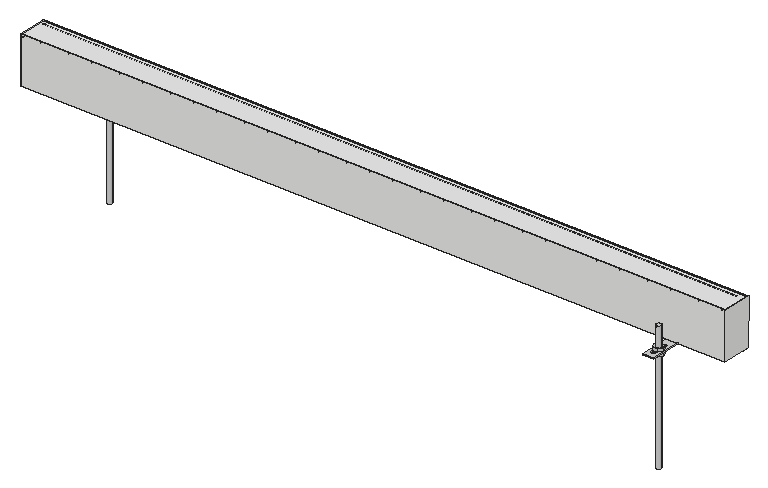
Revit family "TECHOLED-IP2R-D_Series Led Light", category Lighting Fixtures, host Face, Revit 2020
Family settings
  Host = Face
  Round Connector Dimension = Use Diameter
  Part Type = Normal
  Cut with Voids When Loaded = No
  Light Source = Yes
  Shared = No
  Room Calculation Point = No
Parameters (values of type "TECHOLED-IP2R-D-4-ME-30-U-W")
  Wattage Comments = "23W"
  Wattage = 14.8645 W
  built-in parameter 1150110 = 1 (stored number, unit not read)
  built-in parameter 1114217 = 1 (stored number, unit not read)
  Tilt Angle = -90.00°
  built-in parameter 1150109 = 1 (stored number, unit not read)
  built-in parameter 1150134 = (empty or 0)
  built-in parameter 1150113 = 1 (stored number, unit not read)
  Photometric Web File = "TECHOLED-IP-D-4-ME-30.ies"
  Mounting Material = Stainless Steel
  Mounting Length = (Length - 0' 8") / 2  # 1' - 8"
  Model = "TECHOLED-IP2R-D-4-ME-30-U-W"
  Manufacturer = "techoLED"
  built-in parameter 1150105 = 175.71 (stored number, unit not read)
  Lumens = 2208 lm
  built-in parameter 1150115 = 1 (stored number, unit not read)
  Light Source Height = Cord Length + 0' 4 11/32"  # 0' - 10 11/32"
  Light Material = White
  built-in parameter 1150137 = (empty or 0)
  built-in parameter 1150139 = (empty or 0)
  Length = 4' - 0"
  built-in parameter 1150112 = 1 (stored number, unit not read)
  built-in parameter 1150114 = 1 (stored number, unit not read)
  built-in parameter 1150132 = 2
  built-in parameter 1150102 = (empty or 0)
  built-in parameter 1150107 = 3000 (stored number, unit not read)
  built-in parameter 1150138 = (empty or 0)
  built-in parameter 1150106 = 1.7571 (stored number, unit not read)
  built-in parameter 1150104 = 13.8 (stored number, unit not read)
  Dimming Lamp Color Temperature Shift = <None>
  Description = "IP-2R SERISE"
  Default Elevation = 4' - 0"
  Cord Length = 0' - 6"
  Color Filter = 16777215
  Body Material = W-White
  built-in parameter 1114218 = 1 (stored number, unit not read)
  built-in parameter 1150133 = 10 (stored number, unit not read)
  Apparent Load = 23 VA
Types (10): name | Wattage Comments | Wattage | Photometric Web File | Mounting Length | Model | built-in parameter 1150105 | Lumens | Length | built-in parameter 1150106 | Apparent Load
  (no name) | "23W" | 14.8645 W | "TECHOLED-IP-D-4-ME-30.ies" | 1' - 8" | "TECHOLED-IP2R-D-4-ME-30-U-W" | 175.71 (stored number, unit not read) | 2208 lm | 4' - 0" | 1.7571 (stored number, unit not read) | 23 VA
  TECHOLED-IP2R-D-4-LO-30-U-W | "15W" | 9.69423 W | "generic" | 1' - 8" | "TECHOLED-IP2R-D-4-LO-30-U-W" | 114.59 (stored number, unit not read) | 1440 lm | 4' - 0" | 1.1459 (stored number, unit not read) | 15 VA
  TECHOLED-IP2R-D-4-ME-30-U-W | "23W" | 14.8645 W | "TECHOLED-IP-D-4-ME-30.ies" | 1' - 8" | "TECHOLED-IP2R-D-4-ME-30-U-W" | 175.71 (stored number, unit not read) | 2208 lm | 4' - 0" | 1.7571 (stored number, unit not read) | 23 VA
  TECHOLED-IP2R-D-4-HI-30-U-W | "31W" | 20.0347 W | "generic" | 1' - 8" | "TECHOLED-IP2R-D-4-HI-30-U-W" | 236.82 (stored number, unit not read) | 2976 lm | 4' - 0" | 2.3682 (stored number, unit not read) | 31 VA
  TECHOLED-IP2R-D-6-LO-30-U-W | "23W" | 14.8645 W | "generic" | 2' - 8" | "TECHOLED-IP2R-D-6-LO-30-U-W" | 175.71 (stored number, unit not read) | 2208 lm | 6' - 0" | 1.7571 (stored number, unit not read) | 23 VA
  TECHOLED-IP2R-D-6-ME-30-U-W | "34W" | 21.9736 W | "TECHOLED-IP-D-4-ME-30.ies" | 1' - 8" | "TECHOLED-IP2R-D-6-ME-30-U-W" | 1605.2 (stored number, unit not read) | 3264 lm | 4' - 0" | 16.052 (stored number, unit not read) | 34 VA
  TECHOLED-IP2R-D-6-HI-30-U-W | "45W" | 29.0827 W | "generic" | 1' - 8" | "TECHOLED-IP2R-D-6-HI-30-U-W" | 343.77 (stored number, unit not read) | 4320 lm | 4' - 0" | 3.4377 (stored number, unit not read) | 45 VA
  TECHOLED-IP2R-D-8-LO-30-U-W | "31W" | 20.0347 W | "generic" | 3' - 8" | "TECHOLED-IP2R-D-8-LO-30-U-W" | 236.82 (stored number, unit not read) | 2976 lm | 8' - 0" | 2.3682 (stored number, unit not read) | 31 VA
  TECHOLED-IP2R-D-8-ME-30-U-W | "46W" | 29.729 W | "TECHOLED-IP-D-4-ME-30.ies" | 3' - 8" | "TECHOLED-IP2R-D-8-ME-30-U-W" | 2171.8 (stored number, unit not read) | 4416 lm | 8' - 0" | 21.718 (stored number, unit not read) | 46 VA
  TECHOLED-IP2R-D-8-HI-30-U-W | "61W" | 39.4232 W | "generic" | 3' - 8" | "TECHOLED-IP2R-D-8-HI-30-U-W" | 466.01 (stored number, unit not read) | 5856 lm | 8' - 0" | 4.6601 (stored number, unit not read) | 61 VA
Reference planes (in)
  plane 1 "Center (Front/Back)": y = 0
  plane 2: z = 0
  plane 3 "Center (Left/Right)": x = 0
  plane 4: z = 10.34375
Dimensions and locks (in)
  "Light Source Height": plane 4 to plane 2
  aligned and locked: plane 2 to host face
  aligned and locked: level to host face
  aligned and locked: plane 3 "Center (Left/Right)" to nested 1
  aligned and locked: plane 1 "Center (Front/Back)" to nested 1
  aligned and locked: nested 1 to plane 2
  aligned and locked: plane 4 to imposter light
Automatic sketch dimensions
  host sketch curve to host sketch curve = 8' - 0"  (x2)
Nested families (in)
  nested 1: "TECHOLED-IP2R-D-" at (0, 0, 7.18964), Cord Length <- "Cord Length", Length <- "Length", Mounting Length <- "Mounting Length", Body Material <- "Body Material", Light Material <- "Light Material", Mounting Material <- "Mounting Material", Apparent Load <- "Apparent Load", type "TECHOLED-IP2R-D-"
    with Mounting Material Stainless Steel, Mounting Length 1' - 8", Light Material White, Length 4' - 0", Cord Length 0' - 6", Body Material W-White, Apparent Load 23 VA
Connectors (in)
  electrical at (0, 0, 0)
    settings: index 1, voltage 0 V, apparent load 0 VA, apparent load phase1 0 VA, apparent load phase2 0 VA, apparent load phase3 0 VA, power factor 1, load classification "Other", number of poles 1, system type 31, power factor state 1, is connector primary yes, connector utility no, sub classification motor no, connector description ""
Definition of nested family "TECHOLED-IP2R-D-"
  Parameters (values of type "TECHOLED-IP2R-D-")
    Wattage Comments = "61W"
    Mounting Material [instance] = none
    Mounting Length [instance] = 1' - 7 1/4"
    Model = ""
    Manufacturer = "techoLED"
    Light Material [instance] = none
    Length [instance] = 4' - 0"
    Description = "IP-2R SERIES"
    Default Elevation = 4' - 0"
    Cord Length [instance] = 0' - 10"
    Body Material [instance] = none
    Apparent Load [instance] = 61 VA
  Reference planes (in)
    plane 1 "Center (Front/Back)": y = 0
    plane 2: z = 0
    plane 3 "Center (Left/Right)": x = 0
    plane 4: x = -24
    plane 5: x = 24
    plane 6: x = 23.97
    plane 7: x = -23.97
  Forms (in)
    Sweep 1, solid, material <- "Body Material"
      path origin (4.47, 0, 0) x (1, 0, 0) y (0, 1, 0)
        loop
          line (-28.44, 0) -> (19.5, 0)
      profile origin (0, 0, 0) x (0, 1, 0) y (0, 0, 1)
        loop
          line (0.98659, 3.15448) -> (0.94414, 3.15449) -> (0.94412, 3.09768) -> (0.91883, 3.07998) -> (0.88763, 3.07999) -> (0.88761, 3.00228) -> (0.93192, 3.00227) -> (0.93183, 2.66152) -> (0.82521, 2.66155) -> (0.76681, 2.58684)
          arc (0.76681, 2.58684) -> (0.77528, 2.56913) -> (0.79484, 2.57081) r 0.01725
          line (0.79484, 2.57081) -> (0.8015, 2.60505) -> (0.83524, 2.61799)
          arc (0.83524, 2.61799) -> (0.85399, 2.62095) -> (0.87233, 2.61603) r 0.04566
          line (0.87233, 2.61603) -> (0.90624, 2.59874) -> (0.90622, 2.53142) -> (0.84915, 2.5036) -> (0.82283, 2.52418)
          arc (0.82283, 2.52418) -> (0.79974, 2.52135) -> (0.80257, 2.49825) r 0.01645
          line (0.80257, 2.49825) -> (0.84286, 2.46676) -> (0.92925, 2.46673) -> (0.92918, 2.2027) -> (0.56451, 2.20279) -> (0.56453, 2.27149) -> (0.49977, 2.2715) -> (0.49976, 2.24063) -> (0.53945, 2.24062) -> (0.53944, 2.2028) -> (0.00016, 2.20294) -> (-0.53912, 2.20308) -> (-0.53911, 2.24089) -> (-0.49942, 2.24088) -> (-0.49941, 2.27176) -> (-0.56417, 2.27178) -> (-0.56419, 2.20308) -> (-0.92886, 2.20318) -> (-0.92879, 2.46721) -> (-0.8424, 2.46719) -> (-0.80209, 2.49866)
          arc (-0.80209, 2.49866) -> (-0.79925, 2.52176) -> (-0.82235, 2.5246) r 0.01645
          line (-0.82235, 2.5246) -> (-0.84868, 2.50404) -> (-0.90573, 2.53189) -> (-0.90572, 2.59921) -> (-0.8718, 2.61648)
          arc (-0.8718, 2.61648) -> (-0.85346, 2.62139) -> (-0.8347, 2.61841) r 0.04566
          line (-0.8347, 2.61841) -> (-0.80098, 2.60546) -> (-0.79433, 2.57121)
          arc (-0.79433, 2.57121) -> (-0.77477, 2.56953) -> (-0.76629, 2.58724) r 0.01725
          line (-0.76629, 2.58724) -> (-0.82465, 2.66197) -> (-0.93127, 2.662) -> (-0.93119, 3.00275) -> (-0.88688, 3.00274) -> (-0.88686, 3.08045) -> (-0.91806, 3.08045) -> (-0.94334, 3.09816) -> (-0.94332, 3.15497) -> (-0.98578, 3.15498) -> (-0.98659, 0.00025) -> (-0.88706, 0.00023) -> (-0.88705, 0.04111) -> (-0.93882, 0.04112) -> (-0.93879, 0.17416) -> (-0.64754, 0.17409) -> (-0.64757, 0.04788) -> (-0.67847, 0.04789) -> (-0.70484, 0.07427) -> (-0.76776, 0.07428) -> (-0.69369, 0.00018) -> (-0.61643, 0.00016) -> (-0.61639, 0.184)
          arc (-0.61639, 0.184) -> (-0.62789, 0.21179) -> (-0.65568, 0.22331) r 0.03931
          line (-0.65568, 0.22331) -> (-0.88046, 0.22337) -> (-0.9295, 0.27245) -> (-0.92941, 0.64261) -> (-0.84653, 0.64259) -> (-0.84652, 0.67425) -> (-0.87959, 0.67426) -> (-0.91393, 0.73144) -> (-0.88099, 0.78622) -> (-0.8233, 0.7862) -> (-0.79199, 0.74309) -> (-0.80276, 0.70291) -> (-0.76136, 0.7029) -> (-0.76134, 0.79641) -> (-0.52522, 0.79635) -> (-0.52517, 0.96085) -> (-0.42782, 0.96083) -> (-0.42786, 0.79633) -> (-0.0002, 0.79622) -> (0.42746, 0.79611) -> (0.4275, 0.96061) -> (0.52486, 0.96058) -> (0.52481, 0.79608) -> (0.76094, 0.79602) -> (0.76091, 0.70251) -> (0.80231, 0.7025) -> (0.79156, 0.74268) -> (0.82289, 0.78578) -> (0.88059, 0.78576) -> (0.91349, 0.73097) -> (0.87912, 0.6738) -> (0.84606, 0.67381) -> (0.84605, 0.64216) -> (0.92893, 0.64213) -> (0.92883, 0.27197) -> (0.87976, 0.22292) -> (0.65499, 0.22298)
          arc (0.65499, 0.22298) -> (0.62719, 0.21147) -> (0.61567, 0.18368) r 0.03931
          line (0.61567, 0.18368) -> (0.61562, -0.00016) -> (0.69288, -0.00018) -> (0.76698, 0.07389) -> (0.70407, 0.0739) -> (0.67769, 0.04754) -> (0.64679, 0.04755) -> (0.64682, 0.17376) -> (0.93807, 0.17368) -> (0.93803, 0.04064) -> (0.88626, 0.04065) -> (0.88625, -0.00023) -> (0.98578, -0.00025) -> (0.98659, 3.15448)
        loop
          line (0.00015, 2.16662) -> (-0.02188, 2.14459) -> (-0.25307, 2.14465) -> (-0.25311, 2.00567) -> (-0.30182, 2.00569) -> (-0.30179, 2.14467) -> (-0.38569, 2.14469) -> (-0.38573, 2.00571) -> (-0.43444, 2.00572) -> (-0.4344, 2.1447) -> (-0.92888, 2.14483) -> (-0.92921, 0.84318) -> (-0.55385, 0.84308) -> (-0.55382, 0.99439) -> (-0.39581, 0.99435) -> (-0.39585, 0.83493) -> (-0.30104, 0.83491) -> (-0.301, 0.99432) -> (-0.25705, 0.99431) -> (-0.25709, 0.8349) -> (-0.00019, 0.83483) -> (0.2567, 0.83477) -> (0.25675, 0.99418) -> (0.3007, 0.99417) -> (0.30066, 0.83476) -> (0.39547, 0.83473) -> (0.39551, 0.99414) -> (0.55352, 0.9941) -> (0.55348, 0.8428) -> (0.92883, 0.8427) -> (0.92917, 2.14435) -> (0.4347, 2.14448) -> (0.43466, 2.0055) -> (0.38595, 2.00551) -> (0.38598, 2.14449) -> (0.30208, 2.14451) -> (0.30204, 2.00553) -> (0.25333, 2.00554) -> (0.25336, 2.14452) -> (0.02218, 2.14458) -> (0.00015, 2.16662)
        loop
          line (0.48047, 2.21565) -> (0.48048, 2.25725) -> (-0.48401, 2.25749) -> (-0.48402, 2.2159) -> (0.48047, 2.21565)
    Extrusion 2, solid, material <- "Body Material"
      sketch origin (0, 0, 0) x (0, 1, 0) y (0, 0, 1)
        loop
          line (-0.98618, 3.15473) -> (-0.98618, 0) -> (0.98618, 0) -> (0.98618, 3.15473) -> (-0.98618, 3.15473)
      from 23.97 to 24
    Extrusion 3, solid, material <- "Body Material"
      sketch origin (0, 0, 0) x (0, 1, 0) y (0, 0, -1)
        loop
          line (-0.98618, -3.15473) -> (0.98618, -3.15473) -> (0.98618, 0) -> (-0.98618, 0) -> (-0.98618, -3.15473)
      from 23.97 to 24
    Sweep 4, solid, material <- "Light Material"
      path origin (0, 0, 0) x (1, 0, 0) y (0, 1, 0)
        loop
          line (-23.97, 0) -> (23.97, 0)
      profile origin (0, 0, 0) x (0, 1, 0) y (0, 0, 1)
        loop
          line (-0.93155, 3.15422) -> (-0.93155, 3.0986) -> (-0.87661, 3.0986) -> (-0.87661, 2.99522) -> (-0.91919, 2.99522) -> (-0.87516, 2.9512)
          arc (-0.87516, 2.9512) -> (-0.8562, 2.95161) -> (-0.84684, 2.9681) r 0.01921
          line (-0.84684, 2.9681) -> (-0.84684, 3.0986) -> (0.84684, 3.0986) -> (0.84684, 2.9681)
          arc (0.84684, 2.9681) -> (0.8562, 2.95161) -> (0.87516, 2.9512) r 0.01921
          line (0.87516, 2.9512) -> (0.91919, 2.99522) -> (0.87661, 2.99522) -> (0.87661, 3.0986) -> (0.93155, 3.0986) -> (0.93155, 3.15422) -> (-0.93155, 3.15422)
  Dimensions and locks (in)
    Sweep 1 to Sweep 1 = 0' - 1.97237"
    equal spacing: plane 4, plane 3 "Center (Left/Right)", plane 5
    "Length": plane 4 to plane 5
    locked: plane 6 to plane 5 at 0.03
    locked: plane 4 to plane 7 at 0.03
    "Mounting Length": nested 2 to plane 3 "Center (Left/Right)"
    "Mounting Length": plane 3 "Center (Left/Right)" to nested 1
    aligned and locked: plane 2 to level
    aligned and locked: Extrusion 2 to plane 5
    aligned and locked: Extrusion 2 to plane 6
    aligned and locked: plane 7 to Extrusion 3
    aligned and locked: plane 7 to Sweep 1 sketch curve
    aligned and locked: plane 6 to Sweep 1 sketch curve
    aligned and locked: Extrusion 3 to plane 4
    aligned and locked: plane 7 to Sweep 4 sketch curve
    aligned and locked: plane 6 to Sweep 4 sketch curve
    aligned and locked: nested 1 to Extrusion 2
    aligned and locked: nested 2 to Extrusion 2
  Automatic sketch dimensions
    plane 1 "Center (Front/Back)" to Sweep 1 sketch curve = 0' - 0"
    Extrusion 2 sketch curve to level = 0' - 0"
    plane 1 "Center (Front/Back)" to Extrusion 2 sketch curve = 0' - 0.98618"
    Extrusion 2 sketch curve to plane 1 "Center (Front/Back)" = 0' - 0.98618"
    Extrusion 3 sketch curve to level = 0' - 0"
    plane 1 "Center (Front/Back)" to Extrusion 3 sketch curve = 0' - 0.98618"
    Extrusion 3 sketch curve to plane 1 "Center (Front/Back)" = 0' - 0.98618"
    level to Extrusion 2 sketch curve = 0' - 3.15473"
    level to Extrusion 3 sketch curve = 0' - 3.15473"
    plane 1 "Center (Front/Back)" to Sweep 4 sketch curve = 0' - 0"
    level to Sweep 1 sketch curve = 0' - 0.00025"
    profile plane to Sweep 1 sketch curve = 0' - 0.98659"
    profile plane to Sweep 1 sketch curve = 0' - 0.98578"
    Sweep 1 sketch curve to Sweep 1 sketch curve = 0' - 0.04244"
    Sweep 1 sketch curve to Sweep 1 sketch curve = 0' - 0.04245"  (x2)
    level to Sweep 1 sketch curve = 0' - 0.04112"
    Sweep 1 sketch curve to Sweep 1 sketch curve = 0' - 0.04777"
    level to Sweep 1 sketch curve = 0' - 0.17416"
    Sweep 1 sketch curve to Sweep 1 sketch curve = 0' - 0.01207"
    Sweep 1 sketch curve to Sweep 1 sketch curve = 0' - 0.01215"
    level to Sweep 1 sketch curve = 0' - 0.27245"
    Sweep 1 sketch curve to Sweep 1 sketch curve = 0' - 0.00928"
    Sweep 1 sketch curve to Sweep 1 sketch curve = 0' - 0.0001"
    Sweep 1 sketch curve to Sweep 1 sketch curve = 0' - 0.0002"
    Sweep 1 sketch curve to Sweep 1 sketch curve = 0' - 0.0024"
    Sweep 1 sketch curve to Sweep 1 sketch curve = 0' - 0"  (x14)
    Sweep 1 sketch curve to Sweep 1 sketch curve = 0' - 0.00248"
    Sweep 1 sketch curve to Sweep 1 sketch curve = 0' - 0.02528"
    Sweep 1 sketch curve to Sweep 1 sketch curve = 0' - 0.01548"
    Sweep 1 sketch curve to Sweep 1 sketch curve = 0' - 0.02306"
    level to Sweep 1 sketch curve = 0' - 0.00023"
    Sweep 1 sketch curve to Sweep 1 sketch curve = 0' - 0.05176"
    Sweep 1 sketch curve to Sweep 1 sketch curve = 0' - 0.04431"  (x2)
    Sweep 1 sketch curve to Sweep 1 sketch curve = 0' - 0.0312"  (x2)
    Sweep 1 sketch curve to Sweep 1 sketch curve = 0' - 0.03293"
    level to Sweep 1 sketch curve = 0' - 0.22337"
    Sweep 1 sketch curve to Sweep 1 sketch curve = 0' - 0.04905"
    Sweep 1 sketch curve to Sweep 1 sketch curve = 0' - 0.04982"
    Sweep 1 sketch curve to Sweep 1 sketch curve = 0' - 0.03392"
    Sweep 1 sketch curve to Sweep 1 sketch curve = 0' - 0.02072"
    Sweep 1 sketch curve to Sweep 1 sketch curve = 0' - 0.05706"
    Sweep 1 sketch curve to Sweep 1 sketch curve = 0' - 0.03305"
    level to Sweep 1 sketch curve = 0' - 0.67425"
    Sweep 1 sketch curve to Sweep 1 sketch curve = 0' - 0.00628"
    Sweep 1 sketch curve to Sweep 1 sketch curve = 0' - 0.03709"  (x2)
    Sweep 1 sketch curve to Sweep 1 sketch curve = 0' - 0.01005"
    Sweep 1 sketch curve to Sweep 1 sketch curve = 0' - 0.0577"  (x2)
    Sweep 1 sketch curve to Sweep 1 sketch curve = 0' - 0.02633"
    Sweep 1 sketch curve to Sweep 1 sketch curve = 0' - 0.01013"  (x4)
    Sweep 1 sketch curve to Sweep 1 sketch curve = 0' - 0.04376"
    Sweep 1 sketch curve to Sweep 1 sketch curve = 0' - 0.03373"  (x2)
    Sweep 1 sketch curve to Sweep 1 sketch curve = 0' - 0.00665"
    Sweep 1 sketch curve to Sweep 1 sketch curve = 0' - 0.01078"
    Sweep 1 sketch curve to Sweep 1 sketch curve = 0' - 0.011"
    level to Sweep 1 sketch curve = 0' - 0.07428"
    Sweep 1 sketch curve to Sweep 1 sketch curve = 0' - 0.1193"
    Sweep 1 sketch curve to Sweep 1 sketch curve = 0' - 0.01704"
    Sweep 1 sketch curve to Sweep 1 sketch curve = 0' - 0.0414"  (x2)
    Sweep 1 sketch curve to Sweep 1 sketch curve = 0' - 0.03065"  (x2)
    level to Sweep 1 sketch curve = 0' - 0.07427"
    Sweep 1 sketch curve to Sweep 1 sketch curve = 0' - 0.06292"  (x2)
    level to Sweep 1 sketch curve = 0' - 0.00018"
    Sweep 1 sketch curve to Sweep 1 sketch curve = 0' - 0.01115"
    level to Sweep 1 sketch curve = 0' - 0.04789"
    Sweep 1 sketch curve to Sweep 1 sketch curve = 0' - 0.02637"
    Sweep 1 sketch curve to Sweep 1 sketch curve = 0' - 0.04915"
    level to Sweep 1 sketch curve = 0' - 0.22331"
    level to Sweep 1 sketch curve = 0' - 0.04788"
    level to Sweep 1 sketch curve = 0' - 0.00016"
    Sweep 1 sketch curve to Sweep 1 sketch curve = 0' - 0.03114"
    level to Sweep 1 sketch curve = 0' - 0.184"
    Sweep 1 sketch curve to Sweep 1 sketch curve = 0' - 0.36467"
    Sweep 1 sketch curve to Sweep 1 sketch curve = 0' - 0.20748"
    Sweep 1 sketch curve to Sweep 1 sketch curve = 0' - 0.00004"  (x3)
    Sweep 1 sketch curve to Sweep 1 sketch curve = 0' - 0.02507"  (x2)
    Sweep 1 sketch curve to Sweep 1 sketch curve = 0' - 0.02864"  (x2)
    Sweep 1 sketch curve to Sweep 1 sketch curve = 0' - 0.03969"
    Sweep 1 sketch curve to Sweep 1 sketch curve = 0' - 0.0154"  (x2)
    Sweep 1 sketch curve to Sweep 1 sketch curve = 0' - 0.04958"
    Sweep 1 sketch curve to Sweep 1 sketch curve = 0' - 0.04961"
    Sweep 1 sketch curve to Sweep 1 sketch curve = 0' - 0.09736"  (x4)
    Sweep 1 sketch curve to Sweep 1 sketch curve = 0' - 0.03201"  (x2)
    Sweep 1 sketch curve to Sweep 1 sketch curve = 0' - 0.04871"  (x8)
    Sweep 1 sketch curve to Sweep 1 sketch curve = 0' - 0.08391"  (x4)
    Sweep 1 sketch curve to Sweep 1 sketch curve = 0' - 0.09481"  (x4)
    Sweep 1 sketch curve to Sweep 1 sketch curve = 0' - 0.04395"  (x4)
    profile plane to Sweep 1 sketch curve = 0' - 0.02188"
    profile plane to Sweep 1 sketch curve = 0' - 0.0002"
    profile plane to Sweep 1 sketch curve = 0' - 0.00019"
    Sweep 1 sketch curve to profile plane = 0' - 0.00015"
    Sweep 1 sketch curve to profile plane = 0' - 0.00016"
    Sweep 1 sketch curve to profile plane = 0' - 0.02218"
    Sweep 1 sketch curve to profile plane = 0' - 0.25333"
    Sweep 1 sketch curve to profile plane = 0' - 0.2567"
    Sweep 1 sketch curve to Sweep 1 sketch curve = 0' - 0.03199"  (x2)
    Sweep 1 sketch curve to Sweep 1 sketch curve = 0' - 0.04578"
    Sweep 1 sketch curve to Sweep 1 sketch curve = 0' - 0.01927"
    Sweep 1 sketch curve to Sweep 1 sketch curve = 0' - 0.01928"
    Sweep 1 sketch curve to Sweep 1 sketch curve = 0' - 0.03968"
    Sweep 1 sketch curve to Sweep 1 sketch curve = 0' - 0.02866"  (x3)
    Sweep 1 sketch curve to Sweep 1 sketch curve = 0' - 0.02508"
    Sweep 1 sketch curve to level = 0' - 0.00016"
    Sweep 1 sketch curve to profile plane = 0' - 0.61562"
    level to Sweep 1 sketch curve = 0' - 0.18368"
    Sweep 1 sketch curve to Sweep 1 sketch curve = 0' - 0.00005"
    level to Sweep 1 sketch curve = 0' - 0.04755"
    Sweep 1 sketch curve to Sweep 1 sketch curve = 0' - 0.03116"
    level to Sweep 1 sketch curve = 0' - 0.17376"
    Sweep 1 sketch curve to Sweep 1 sketch curve = 0' - 0.03115"
    Sweep 1 sketch curve to Sweep 1 sketch curve = 0' - 0.00816"
    level to Sweep 1 sketch curve = 0' - 0.22298"
    level to Sweep 1 sketch curve = 0' - 0.04754"
    Sweep 1 sketch curve to level = 0' - 0.00018"
    level to Sweep 1 sketch curve = 0' - 0.0739"
    Sweep 1 sketch curve to Sweep 1 sketch curve = 0' - 0.02638"
    Sweep 1 sketch curve to Sweep 1 sketch curve = 0' - 0.20743"
    level to Sweep 1 sketch curve = 0' - 0.79602"
    Sweep 1 sketch curve to Sweep 1 sketch curve = 0' - 0.00002"
    Sweep 1 sketch curve to Sweep 1 sketch curve = 0' - 0.20229"
    level to Sweep 1 sketch curve = 0' - 0.07389"
    Sweep 1 sketch curve to Sweep 1 sketch curve = 0' - 0.01703"
    Sweep 1 sketch curve to Sweep 1 sketch curve = 0' - 0.01099"
    Sweep 1 sketch curve to Sweep 1 sketch curve = 0' - 0.01766"
    Sweep 1 sketch curve to Sweep 1 sketch curve = 0' - 0.00773"
    Sweep 1 sketch curve to Sweep 1 sketch curve = 0' - 0.03133"
    Sweep 1 sketch curve to Sweep 1 sketch curve = 0' - 0.0237"
    Sweep 1 sketch curve to Sweep 1 sketch curve = 0' - 0.04029"
    Sweep 1 sketch curve to Sweep 1 sketch curve = 0' - 0.04374"
    level to Sweep 1 sketch curve = 0' - 0.67381"
    Sweep 1 sketch curve to Sweep 1 sketch curve = 0' - 0.02632"
    Sweep 1 sketch curve to Sweep 1 sketch curve = 0' - 0.01635"
    Sweep 1 sketch curve to Sweep 1 sketch curve = 0' - 0.03306"
    level to Sweep 1 sketch curve = 0' - 0.22292"
    Sweep 1 sketch curve to Sweep 1 sketch curve = 0' - 0.11278"
    Sweep 1 sketch curve to level = 0' - 0.00023"
    Sweep 1 sketch curve to Sweep 1 sketch curve = 0' - 0.11927"
    level to Sweep 1 sketch curve = 0' - 0.04065"
    Sweep 1 sketch curve to Sweep 1 sketch curve = 0' - 0.0624"
    Sweep 1 sketch curve to Sweep 1 sketch curve = 0' - 0.05707"
    Sweep 1 sketch curve to Sweep 1 sketch curve = 0' - 0.03391"
    Sweep 1 sketch curve to Sweep 1 sketch curve = 0' - 0.03291"
    Sweep 1 sketch curve to Sweep 1 sketch curve = 0' - 0.04825"
    level to Sweep 1 sketch curve = 0' - 0.27197"
    Sweep 1 sketch curve to Sweep 1 sketch curve = 0' - 0.04907"
    level to Sweep 1 sketch curve = 0' - 0.64213"
    Sweep 1 sketch curve to Sweep 1 sketch curve = 0' - 0.08631"
    Sweep 1 sketch curve to Sweep 1 sketch curve = 0' - 0.02303"
    Sweep 1 sketch curve to Sweep 1 sketch curve = 0' - 0.02559"
    level to Sweep 1 sketch curve = 0' - 0.04064"
    Sweep 1 sketch curve to Sweep 1 sketch curve = 0' - 0.02529"
    Sweep 1 sketch curve to level = 0' - 0.00025"
    Sweep 1 sketch curve to Sweep 1 sketch curve = 0' - 0.02869"
    Sweep 1 sketch curve to Sweep 1 sketch curve = 0' - 0.05717"
    Sweep 1 sketch curve to Sweep 1 sketch curve = 0' - 0.05718"
    Sweep 1 sketch curve to Sweep 1 sketch curve = 0' - 0.04018"
    Sweep 1 sketch curve to Sweep 1 sketch curve = 0' - 0.04017"
    Sweep 1 sketch curve to Sweep 1 sketch curve = 0' - 0.0548"
    Sweep 1 sketch curve to Sweep 1 sketch curve = 0' - 0.0431"
    Sweep 1 sketch curve to Sweep 1 sketch curve = 0' - 0.04311"
    Sweep 1 sketch curve to Sweep 1 sketch curve = 0' - 0.03862"  (x2)
    Sweep 1 sketch curve to Sweep 1 sketch curve = 0' - 0.03857"
    Sweep 1 sketch curve to Sweep 1 sketch curve = 0' - 0.05835"
    Sweep 1 sketch curve to Sweep 1 sketch curve = 0' - 0.05832"
    Sweep 1 sketch curve to Sweep 1 sketch curve = 0' - 0.05838"
    Sweep 1 sketch curve to Sweep 1 sketch curve = 0' - 0.02497"
    Sweep 1 sketch curve to Sweep 1 sketch curve = 0' - 0.02498"
    Sweep 1 sketch curve to Sweep 1 sketch curve = 0' - 0.0315"
    Sweep 1 sketch curve to Sweep 1 sketch curve = 0' - 0.03148"
    Sweep 1 sketch curve to Sweep 1 sketch curve = 0' - 0.03685"  (x2)
    Sweep 1 sketch curve to Sweep 1 sketch curve = 0' - 0.01296"
    Sweep 1 sketch curve to Sweep 1 sketch curve = 0' - 0.01297"
    Sweep 1 sketch curve to Sweep 1 sketch curve = 0' - 0.02782"
    Sweep 1 sketch curve to Sweep 1 sketch curve = 0' - 0.02785"
    Sweep 1 sketch curve to Sweep 1 sketch curve = 0' - 0.04663"
    Sweep 1 sketch curve to Sweep 1 sketch curve = 0' - 0.04661"
    Sweep 1 sketch curve to Sweep 1 sketch curve = 0' - 0.00455"
    Sweep 1 sketch curve to Sweep 1 sketch curve = 0' - 0.00457"
    Sweep 1 sketch curve to Sweep 1 sketch curve = 0' - 0.0133"
    Sweep 1 sketch curve to Sweep 1 sketch curve = 0' - 0.01329"
    Sweep 1 sketch curve to Sweep 1 sketch curve = 0' - 0.02339"
    Sweep 1 sketch curve to Sweep 1 sketch curve = 0' - 0 3/128"
    Sweep 1 sketch curve to Sweep 1 sketch curve = 0' - 0.02094"
    Sweep 1 sketch curve to Sweep 1 sketch curve = 0' - 0.02095"
    Sweep 1 sketch curve to Sweep 1 sketch curve = 0' - 0.01729"
    Sweep 1 sketch curve to Sweep 1 sketch curve = 0' - 0.01727"
    Sweep 1 sketch curve to Sweep 1 sketch curve = 0' - 0.06278"
    Sweep 1 sketch curve to Sweep 1 sketch curve = 0' - 0.04356"  (x2)
    Sweep 1 sketch curve to Sweep 1 sketch curve = 0' - 0.06279"
    profile plane to Sweep 4 sketch curve = 0' - 0.93155"
    Sweep 4 sketch curve to Sweep 4 sketch curve = 0' - 0.01237"
    Sweep 4 sketch curve to Sweep 4 sketch curve = 0' - 0.04257"  (x2)
    Sweep 4 sketch curve to Sweep 4 sketch curve = 0' - 0.00145"
    Sweep 4 sketch curve to Sweep 4 sketch curve = 0' - 0.00912"  (x2)
    Sweep 4 sketch curve to Sweep 4 sketch curve = 0' - 0.01921"  (x2)
    Sweep 4 sketch curve to profile plane = 0' - 0.84684"
    Sweep 4 sketch curve to Sweep 4 sketch curve = 0' - 0.01057"
    Sweep 4 sketch curve to Sweep 4 sketch curve = 0' - 0.05494"
    Sweep 4 sketch curve to Sweep 4 sketch curve = 0' - 0.0169"
    Sweep 4 sketch curve to Sweep 4 sketch curve = 0' - 0.02712"  (x2)
    Sweep 4 sketch curve to Sweep 4 sketch curve = 0' - 0.10338"
    Sweep 4 sketch curve to Sweep 4 sketch curve = 0' - 0"  (x2)
    Sweep 4 sketch curve to Sweep 4 sketch curve = 0' - 0.05562"
    level to Sweep 4 sketch curve = 0' - 2.9512"
  Nested families (in)
    nested 1: "Mounting Flang" at (19.25, -0.00068, -3.14591), Cord Length <- "Cord Length", Stainless Steel <- "Mounting Material", type "Mounting Flang"
      with Stainless Steel none, Cord Length 0' - 10"
    nested 2: "Mounting Flang" at (-19.25, 0, -3.14591) x (-1, 0, 0) z (0, 0, 1), Cord Length <- "Cord Length", Stainless Steel <- "Mounting Material", type "Mounting Flang"
      with Stainless Steel none, Cord Length 0' - 10"
  Definition of nested family "Mounting Flang"
    Parameters (values of type "Mounting Flang")
      Stainless Steel [instance] = none
      Default Elevation = 0' - 0"
      Cord Length [instance] = 0' - 4"
    Reference planes (in)
      plane 1 "Center (Front/Back)": y = 0
      plane 2: z = 0
      plane 3 "Center (Left/Right)": x = 0
      plane 4: x = 0
      plane 5: z = 15.50732
      plane 6: z = 1.95627
      plane 7: z = 4.63232
      plane 8: z = -2.04373
    Forms (in)
      Extrusion 1, solid, material <- "Stainless Steel"
        sketch origin (0.75, 0, 6.375) x (0, 1, 0) y (0, 0, -1)
          loop
            line (-2.98161, 3.30732) -> (-2.98161, 3.22909) -> (-0.6551, 3.22909)
            arc (-0.6551, 3.22909) -> (-0.62657, 3.21215) -> (-0.61535, 3.18092) r 0.04906
            line (-0.61535, 3.18092) -> (-0.61535, 3.00805) -> (-0.55164, 3.00805) -> (-0.55164, 3.17732)
            arc (-0.55164, 3.17732) -> (-0.58067, 3.2604) -> (-0.6551, 3.30732) r 0.1334
            line (-0.6551, 3.30732) -> (-2.98161, 3.30732)
        from 0 to 0.75
      Extrusion 2, void
        sketch origin (0.75, 0, 6.375) x (0, 1, 0) y (-1, 0, 0)
          loop
            arc (-1.71672, 0.1875) -> (-1.52922, 0.375) -> (-1.71672, 0.5625) r 0.1875
            line (-1.71672, 0.5625) -> (-2.49941, 0.5625)
            arc (-2.49941, 0.5625) -> (-2.68691, 0.375) -> (-2.49941, 0.1875) r 0.1875
            line (-2.49941, 0.1875) -> (-1.71672, 0.1875)
        from -3.67615 to 1.52091
      Extrusion 3, solid, material <- "Stainless Steel"
        sketch origin (0.75, 0, 6.375) x (0, 1, 0) y (-1, 0, 0)
          loop
            line (-2.10807, 0.705) -> (-2.39385, 0.54) -> (-2.39385, 0.21) -> (-2.10807, 0.045) -> (-1.82228, 0.21) -> (-1.82228, 0.54) -> (-2.10807, 0.705)
          loop
            circle (-2.10807, 0.375) r 0.18
        from -3.22909 to -3.00805
      Extrusion 4, solid, material <- "Stainless Steel"
        sketch origin (0, 0, 0) x (1, 0, 0) y (0, 1, 0)
          loop
            circle (0.375, -2.10807) r 0.18
        from -2.04373 to 4.63232
      Extrusion 5, solid, material <- "Stainless Steel"
        sketch origin (0.75, 0, -0.16141) x (-1, 0, 0) y (0, -1, 0)
          loop
            line (0.705, 2.10807) -> (0.54, 2.39385) -> (0.21, 2.39385) -> (0.045, 2.10807) -> (0.21, 1.82228) -> (0.54, 1.82228) -> (0.705, 2.10807)
          loop
            circle (0.375, 2.10807) r 0.18
        from 3.03756 to 3.22909
    Cuts and joins
      Extrusion 2 cuts Extrusion 1
    Dimensions and locks (in)
      plane 3 "Center (Left/Right)" to plane 4 = 0' - 0"
      plane 5 to cut or joined group of Extrusion 1, Extrusion 2 = 1' - 0.43964"
      "Cord Length": plane 6 to plane 8
      aligned and locked: plane 2 to level
      aligned and locked: plane 4 to Extrusion 1
      aligned and locked: Extrusion 4 to plane 8
      aligned and locked: Extrusion 3 to cut or joined group of Extrusion 1, Extrusion 2
      aligned and locked: Extrusion 5 to cut or joined group of Extrusion 1, Extrusion 2
    Automatic sketch dimensions
      plane 1 "Center (Front/Back)" to Extrusion 1 sketch curve = 0' - 2.98161"
      plane 1 "Center (Front/Back)" to Extrusion 1 sketch curve = 0' - 0.68504"
      Extrusion 1 sketch curve to Extrusion 1 sketch curve = 0' - 0.02063"
      Extrusion 1 sketch curve to Extrusion 1 sketch curve = 0' - 0.00931"  (x2)
      Extrusion 1 sketch curve to Extrusion 1 sketch curve = 0' - 0.04906"
      Extrusion 1 sketch curve to Extrusion 1 sketch curve = 0' - 0.06371"
      Extrusion 1 sketch curve to plane 7 = 0' - 1.26537"
      Extrusion 1 sketch curve to Extrusion 1 sketch curve = 0' - 0.16927"
      Extrusion 1 sketch curve to Extrusion 1 sketch curve = 0' - 0.00359"
      plane 3 "Center (Left/Right)" to Extrusion 2 sketch curve = 0' - 0 9/16"
      plane 1 "Center (Front/Back)" to Extrusion 2 sketch curve = 0' - 2.49941"
      plane 3 "Center (Left/Right)" to Extrusion 2 sketch curve = 0' - 0 3/16"
      Extrusion 2 sketch curve to Extrusion 2 sketch curve = 0' - 0.78269"
      plane 3 "Center (Left/Right)" to Extrusion 3 sketch curve = 0' - 0.54"
      plane 1 "Center (Front/Back)" to Extrusion 3 sketch curve = 0' - 2.39385"
      plane 3 "Center (Left/Right)" to Extrusion 3 sketch curve = 0' - 0.705"
      Extrusion 3 sketch curve to Extrusion 3 sketch curve = 0' - 0.28579"  (x4)
      plane 3 "Center (Left/Right)" to Extrusion 3 sketch curve = 0' - 0.045"
      Extrusion 3 sketch curve to Extrusion 3 sketch curve = 0' - 0.165"  (x2)
      plane 3 "Center (Left/Right)" to Extrusion 3 sketch curve = 0' - 0.21"  (x2)
      plane 3 "Center (Left/Right)" to Extrusion 4 sketch curve = 0' - 0 3/8"
      plane 1 "Center (Front/Back)" to Extrusion 4 sketch curve = 0' - 2.10807"
      plane 3 "Center (Left/Right)" to Extrusion 5 sketch curve = 0' - 0.705"
      Extrusion 5 sketch curve to Extrusion 5 sketch curve = 0' - 0.165"  (x2)
      Extrusion 5 sketch curve to Extrusion 5 sketch curve = 0' - 0.33"
      plane 3 "Center (Left/Right)" to Extrusion 5 sketch curve = 0' - 0.21"  (x2)
      plane 3 "Center (Left/Right)" to Extrusion 5 sketch curve = 0' - 0.045"
      plane 1 "Center (Front/Back)" to Extrusion 5 sketch curve = 0' - 1.82228"
      Extrusion 5 sketch curve to Extrusion 5 sketch curve = 0' - 0.28579"  (x3)
      Extrusion 5 sketch curve to Extrusion 5 sketch curve = 0' - 0"
      radius of Extrusion 3 sketch curve = 0' - 0.18"
      radius of Extrusion 4 sketch curve = 0' - 0.18"
      radius of Extrusion 5 sketch curve = 0' - 0.18"
